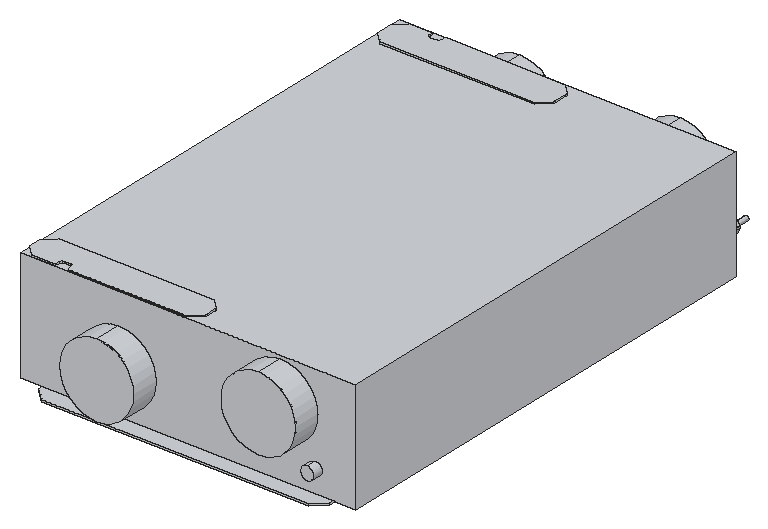
Revit family "448733 SENTINEL KINETIC 200Z", category Mechanical Equipment, Revit 2013
Parameters (values of type "200Z")
  Width = 570 mm
  Weight = "26kg"
  Warranty period = "Unit 2 Years , Motor 5 Years"
  Sub Type = "200Z"
  Spigot Diameter = 125 mm
  Product Description = "Kinetic 200Z Horizontal"
  Part Number = "448733"
  Options = ""
  Operational and Maintenance Manual = "http://www.vent-axia.com/files/pdf-downloads/449356%20C.pdf"
  Operating Temperature = "(-10C to +40C)"
  Operating Humidity = "0% to 95% RH"
  Motor Rating = "150 Watts (max)"
  Manufacturer - Website = "www.vent-axia.com"
  Manufacturer - Name = "Vent-Axia Ltd"
  Manufacturer - Email = "sales@vent-axia.com"
  Manufacturer - Contact Phone = "0844 856 0590"
  Manufacturer - Address = "Fleming Way, Crawley, West Sussex RH10 9YX"
  Length (excluding spigots) = 849 mm
  Length (including Spigots) = 895 mm
  IP Rating = "IP22"
  Height (excluding Spigots) = 200 mm
  Family = "Kinetic"
  Depth = 305 mm
  Condensate Pipe Diameter = 22 mm
  Category = "Sentinel Kinetic"
  AC Voltage Input = "220-240 V AC (single phase)"
  AC Frequency Input = "50Hz nominal"
Types (3, lengths in mm): name | Sub Type | Product Description | Part Number
  (no name) | "200Z" | "Kinetic 200Z Horizontal" | "448733"
  200Z | "200Z" | "Kinetic 200Z Horizontal" | "448733"
  200ZH | "200ZH" | "Kinetic 200Z Horizontal with Humidity Sensor" | "449540"
Reference planes
  plane 1: z = 0
  plane 2: y = 0
  plane 3: x = -19.307
Forms (mm)
  Extrusion 1, solid
    sketch origin (19.307, -55.644, 306.725) x (0, 0, 1) y (-1, 0, 0)
      loop
        circle (-269.182, -194.684) r 11
    from 360.5 to 340.5
  Revolve 2, solid
    sketch origin (254.149, 151.516, -53.467) x (0, -1, 0) y (0, 0, -1)
      loop
        line (-252.24, -134.6) -> (-252.24, -143.279)
        arc (-252.24, -143.279) -> (-251.596, -144.835) -> (-250.04, -145.479) r 2.2
        line (-250.04, -145.479) -> (-248.64, -145.479) -> (-248.64, -134.6) -> (-252.24, -134.6)
      axis (-252.24, -134.6) -> (-248.64, -134.6)
    angle from 0 to 360
  Extrusion 3, solid
    sketch origin (36.897, -55.644, 282.525) x (0, 0, 1) y (-1, 0, 0)
      loop
        circle (-162.525, -118.059) r 62.5
      loop
        circle (-208.125, 154.257) r 62.5
    from 389.6 to 340.5
  Extrusion 4, solid
    sketch origin (20, -55.644, 316.725) x (0, 0, 1) y (-1, 0, 0)
      loop
        circle (-208.125, -130) r 62.5
      loop
        circle (-208.125, 140.8) r 62.5
    from -457.2 to -505.6
  Extrusion 5, solid
    sketch origin (0, -55.644, 306.725) x (0, 0, 1) y (-1, 0, 0)
      loop
        arc (-244.433, -261.54) -> (-243.707, -260.449) -> (-243.125, -259.275) r 10.298
        line (-243.125, -259.275) -> (-243.125, -251.325)
        arc (-243.125, -251.325) -> (-243.707, -250.151) -> (-244.433, -249.06) r 10.298
        line (-244.433, -249.06) -> (-251.318, -245.085)
        arc (-251.318, -245.085) -> (-252.625, -245.002) -> (-253.933, -245.085) r 10.298
        line (-253.933, -245.085) -> (-260.818, -249.06)
        arc (-260.818, -249.06) -> (-261.544, -250.151) -> (-262.125, -251.325) r 10.298
        line (-262.125, -251.325) -> (-262.125, -259.275)
        arc (-262.125, -259.275) -> (-261.544, -260.449) -> (-260.818, -261.54) r 10.298
        line (-260.818, -261.54) -> (-253.933, -265.515)
        arc (-253.933, -265.515) -> (-252.625, -265.598) -> (-251.318, -265.515) r 10.298
        line (-251.318, -265.515) -> (-244.433, -261.54)
    from -456.5 to -486.75
  Extrusion 6, solid
    sketch origin (0, -55.644, 306.725) x (0, 0, 1) y (-1, 0, 0)
      loop
        circle (-252.673, -255.341) r 3.8
    from -455.6 to -511.75
  Revolve 7, solid
    sketch origin (254.057, 151.516, -0.433) x (0, -1, 0) y (0, 0, -1)
      loop
        line (-252.24, -134.6) -> (-252.24, -143.279)
        arc (-252.24, -143.279) -> (-251.596, -144.835) -> (-250.04, -145.479) r 2.2
        line (-250.04, -145.479) -> (-248.64, -145.479) -> (-248.64, -134.6) -> (-252.24, -134.6)
      axis (-252.24, -134.6) -> (-248.64, -134.6)
    angle from 0 to 360
  Extrusion 8, solid
    sketch origin (0, -0.844, 199.5) x (0, -1, 0) y (1, 0, 0)
      loop
        line (340.9, -3.7) -> (340.9, -264.3) -> (358.9, -282.3) -> (378.9, -282.3) -> (396.9, -264.3) -> (396.9, -227.5) -> (394.9, -225.5) -> (389.9, -225.5)
        arc (389.9, -225.5) -> (386.011, -223.889) -> (384.4, -220) r 5.5
        line (384.4, -220) -> (384.4, -210)
        arc (384.4, -210) -> (386.011, -206.111) -> (389.9, -204.5) r 5.5
        line (389.9, -204.5) -> (394.9, -204.5) -> (396.9, -202.5) -> (396.9, -3.7) -> (378.9, 14.3) -> (377.9, 14.3) -> (359.9, 14.3) -> (358.9, 14.3) -> (340.9, -3.7)
      loop
        line (-335.3, -3.7) -> (-353.3, 14.3) -> (-355.8, 14.3) -> (-377.8, 14.3) -> (-380.3, 14.3) -> (-398.3, -3.7) -> (-398.3, -202.5) -> (-396.3, -204.5) -> (-391.3, -204.5)
        arc (-391.3, -204.5) -> (-387.411, -206.111) -> (-385.8, -210) r 5.5
        line (-385.8, -210) -> (-385.8, -220)
        arc (-385.8, -220) -> (-387.411, -223.889) -> (-391.3, -225.5) r 5.5
        line (-391.3, -225.5) -> (-396.3, -225.5) -> (-398.3, -227.5) -> (-398.3, -264.3) -> (-380.3, -282.3) -> (-353.3, -282.3) -> (-335.3, -264.3) -> (-335.3, -3.7)
    from -8.666 to -10.9
  Extrusion 9, solid
    sketch origin (-458.45, 38.6, 294.385) x (1, 0, 0) y (0, 0, -1)
      loop
        line (175.45, 105.785) -> (741.214, 105.785) -> (741.214, 294.385) -> (175.45, 294.385) -> (175.45, 105.785)
    from 361 to -438.2
  Extrusion 10, solid
    sketch origin (0, -3.344, 190.9) x (0, -1, 0) y (1, 0, 0)
      loop
        line (372.3, 245) -> (372.3, -245) -> (404.3, -245) -> (424.3, -225) -> (424.3, 225) -> (404.3, 245) -> (372.3, 245)
      loop
        line (-372.3, -245) -> (-372.3, 245) -> (-404.3, 245) -> (-424.3, 225) -> (-424.3, -225) -> (-404.3, -245) -> (-372.3, -245)
    from -190.9 to -193.98
  Extrusion 11, solid
    sketch origin (-12.071, -55.644, 306.725) x (0, 0, 1) y (-1, 0, 0)
      loop
        arc (-239.753, -223.8) -> (-242.625, -220.927) -> (-245.498, -223.8) r 2.873
        line (-245.498, -223.8) -> (-245.498, -240.8)
        arc (-245.498, -240.8) -> (-242.625, -243.673) -> (-239.753, -240.8) r 2.873
        line (-239.753, -240.8) -> (-239.753, -223.8)
    from -455.114 to -461.4
  Extrusion 12, solid
    sketch origin (-12.071, -55.644, 306.725) x (0, 0, 1) y (-1, 0, 0)
      loop
        arc (-247.625, -234.8) -> (-246.625, -235.8) -> (-245.625, -234.8) r 1
        line (-245.625, -234.8) -> (-245.625, -229.8)
        arc (-245.625, -229.8) -> (-246.625, -228.8) -> (-247.625, -229.8) r 1
        line (-247.625, -229.8) -> (-247.625, -234.8)
    from -461.4 to -486.4
  Extrusion 13, solid
    sketch origin (-578.746, 151.516, 19.5) x (0, -1, 0) y (0, 0, -1)
      loop
        line (-254.388, -47.699) -> (-254.388, -60.325)
        arc (-254.388, -60.325) -> (-253.759, -61.844) -> (-252.24, -62.473) r 2.148
        line (-252.24, -62.473) -> (-252.24, -47.699) -> (-254.388, -47.699)
    from 802.436 to 795.435
  Revolve 14, solid
    sketch origin (220.262, 151.516, 19.5) x (0, -1, 0) y (0, 0, -1)
      loop
        line (-252.24, -134.6) -> (-252.24, -143.279)
        arc (-252.24, -143.279) -> (-251.596, -144.835) -> (-250.04, -145.479) r 2.2
        line (-250.04, -145.479) -> (-248.64, -145.479) -> (-248.64, -134.6) -> (-252.24, -134.6)
      axis (-252.24, -134.6) -> (-248.64, -134.6)
    angle from 0 to 360
  Revolve 15, solid
    sketch origin (220.281, 151.516, -20.388) x (0, -1, 0) y (0, 0, -1)
      loop
        line (-252.24, -134.6) -> (-252.24, -143.279)
        arc (-252.24, -143.279) -> (-251.596, -144.835) -> (-250.04, -145.479) r 2.2
        line (-250.04, -145.479) -> (-248.64, -145.479) -> (-248.64, -134.6) -> (-252.24, -134.6)
      axis (-252.24, -134.6) -> (-248.64, -134.6)
    angle from 0 to 360
Connectors
  hvac at (154.956, -445.244, 120)
    settings: on Extrusion 3, index 21, duct flow 0.0 L/s, flow factor 0, pres drop 0.0 Pa, loss coef 0, conn angle 0.00°, conn width 304.8 mm, conn height 304.8 mm, conn radius 62.5 mm, duct sys type 2, conn prof type 0, flow config 0, flow direction 2, loss method 0, conn ref index -1, conn util no, is conn primary yes, conn desc ""
  hvac at (150, 449.956, 108.6)
    settings: on Extrusion 4, index 22, duct flow 0.0 L/s, flow factor 0, pres drop 0.0 Pa, loss coef 0, conn angle 0.00°, conn width 304.8 mm, conn height 304.8 mm, conn radius 62.5 mm, duct sys type 2, conn prof type 0, flow config 0, flow direction 1, loss method 0, conn ref index -1, conn util no, is conn primary no, conn desc ""
  hvac at (-117.36, -445.244, 74.4)
    settings: on Extrusion 3, index 23, duct flow 0.0 L/s, flow factor 0, pres drop 0.0 Pa, loss coef 0, conn angle 0.00°, conn width 304.8 mm, conn height 304.8 mm, conn radius 62.5 mm, duct sys type 1, conn prof type 0, flow config 0, flow direction 1, loss method 0, conn ref index -1, conn util no, is conn primary no, conn desc ""
  hvac at (-120.8, 449.956, 108.6)
    settings: on Extrusion 4, index 24, duct flow 0.0 L/s, flow factor 0, pres drop 0.0 Pa, loss coef 0, conn angle 0.00°, conn width 304.8 mm, conn height 304.8 mm, conn radius 62.5 mm, duct sys type 1, conn prof type 0, flow config 0, flow direction 2, loss method 0, conn ref index -1, conn util no, is conn primary no, conn desc ""
  piping at (213.991, -416.144, 37.543)
    settings: on Extrusion 1, index 25, connector radius 11 mm, flow factor 0, pipe flow 0.0 L/s, pressure drop 0.0 Pa, fitting loss kfactor 0, connector angle 0.00°, fixture units 0, engagement length 0 mm, flow configuration 0, flow direction 2, fitting loss method 0, system type 17, joint type 0, gender type 0, connector reference index -1, connector utility 0, adjustable connector no, is connector primary yes, fitting loss table "", connector description ""
